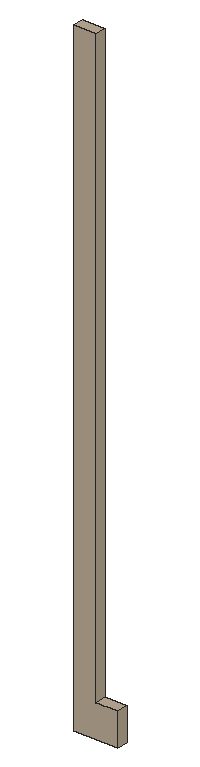
Revit family "Балясина, пластина 40х20,90°", category Балясины, Revit 2021
Family settings
  Номер OmniClass = 23.30.80.11.11.14
  Заголовок OmniClass = Posts, Newel Posts, Pickets
  Всегда вертикально = Да
  При загрузке вырезать с полостями = Нет
  Общий = Нет
Parameters (values of type "Балясина, пластина 40х20,90°_1150")
  built-in parameter 1008623 [instance] = 32.47°
  built-in parameter 1008625 [instance] = (empty or 0)
  Post = no
  built-in parameter 1008624 [instance] = 32.47°
  Отступ = 40 mm
  Материал = АС Окна - ПВХ RAL 1036
  Длина стойки = 1150 mm
  built-in parameter 1008622 [instance] = 1200 mm
Reference planes
  plane 1 "По центру (Вперед/Назад)": y = 0
  plane 2: z = 0
  plane 3 "По центру (Влево/Вправо)": x = 0
  plane 4 "Верх": z = 1200
  plane 5 "Угол верхнего выреза": through (0, 543.519, 854.14) normal (0, -0.5369, -0.8437)
  plane 6 "Угол нижнего выреза": through (0, 0, 0) normal (0, -0.5369, -0.8437)
Forms (mm)
  Extrusion 1, solid, material "АС Окна - ПВХ RAL 1036" <- "Материал", detail levels medium+fine
    sketch origin (-10, 0, -14.976) x (-1, 0, 0) y (0, 0, -1)
      loop
        line (129.641, -1214.725) -> (129.641, -64.725) -> (49.641, -64.725) -> (49.641, -124.725) -> (89.641, -124.725) -> (89.641, -1214.725) -> (129.641, -1214.725)
    from -10 to 10
Text (mm)
  text "Baluster Elevation" at (0, 987.338, 1092.824), in view "Слева"
Dimensions and locks
  "built-in parameter 1008622": plane 2 to plane 4 "Верх"
  plane 3 "По центру (Влево/Вправо)" to Extrusion 1 sketch curve = 139.641 mm
  Extrusion 1 to Extrusion 1 = 40 mm
  Extrusion 1 to Extrusion 1 = 20 mm
  "Отступ": Extrusion 1 to Extrusion 1
  Extrusion 1 to Extrusion 1 to Extrusion 1 = 1090 mm, 60 mm
  "Длина стойки": Extrusion 1 to Extrusion 1
  Extrusion 1 to Extrusion 1 = 1150 mm
  "built-in parameter 1008623": angle plane 4 "Верх" to plane 5 "Угол верхнего выреза"
  "built-in parameter 1008624": angle level to plane 6 "Угол нижнего выреза"
  aligned and locked: plane 2 to level
Automatic sketch dimensions
  Extrusion 1 sketch curve to Extrusion 1 sketch curve = 40 mm  (x2)
  Extrusion 1 sketch curve to level = 49.749 mm
  Extrusion 1 sketch curve to Extrusion 1 sketch curve = 60 mm
  Extrusion 1 sketch curve to plane 4 "Верх" = 0.251 mm
